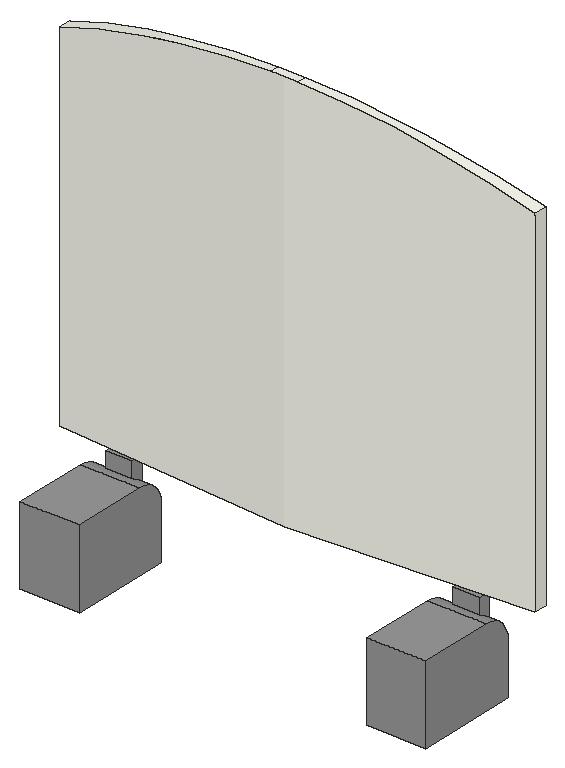
Revit family "KEUCO_14980010037", category Allgemeines Modell, Revit 2016
Family settings
  Teiletyp = Normal
  Kann Basisbauteil für Bewehrung sein = Nein
  Bemaßung runder Anschluss = Durchmesser verwenden
  Arbeitsebenenbasiert = Ja
  Immer vertikal = Nein
  Beim Laden mit Abzugskörper schneiden = Nein
  Gemeinsam genutzt = Nein
  Raumberechnungspunkt = Nein
Parameters (values of type "14980010038")
  Default Elevation = 1219.2 mm
  Verwendung = "DU"  # constant formula
  URL = "https://www.keuco.com/de/produkte/sortiment/artikel/?pid=14980&oid=1&pgo=25&country=de&lang=de&vid=14980010038"
  Preisgruppe = ""
  Material Regal = Weiß (RAL 9010)
  Serie = "Plan"  # constant formula
  Materialien bei Hersteller anfragen = "Anfrage zu:  objektmanagement@keuco.de"
  Rahmen Material = Verchromt
  Länge = 363 mm
  Kategorie = "ACC"  # constant formula
  Hersteller = "KEUCO"  # constant formula
  Tiefe = 378 mm
  Gewicht = 0.522
  Beschreibung = "zur Wandmontage\r\nSitz nach oben klappbar"
  Assembly Code = ""
  Ausschreibungstext = "KEUCO PLAN Klappsitz 14980010038\r\nLichtgrauer Klappsitz (RAL 7035) aus Polypropylen \r\nin ästhetischem, funktionalem Design, zur Wandmontage\r\nfür sicheres Sitzen im Duschbereich\r\nWandhalter und Sitzträger als Design-Element hochglanzverchromt.\r\nantistatisch, leichte Reinigung\r\nnach oben klappbarer Sitz, belastbar bis 110 kg\r\nBreite 363 mm, Länge der Sitzfläche 310 mm\r\nAusladung 378 mm\r\nDer Sitz wird verdeckt angebracht \r\nTÜVRheinland-Zertifizierung beantragt\r\nDas Befestigungsmaterial ist separat zu bestellen!\r\n\r\nZur Montage (je nach Ankergrund/Mauerwerk) unbedingt erforderlich:\r\n\r\n1 x Befestigungs-Set 3 (Artikel-Nr. 34992000100)\r\noder\r\n1 x Befestigungs-Set 6 (Artikel-Nr. 34992000200)\r\noder\r\n1 x Befestigungs-Set 9 (Artikel-Nr. 34995000200)\r\noder\r\n1 x Befestigungs-Set 11 (Artikel-Nr. 34997000100)"
  Artikelnummer = "14980010038"
Types (9, lengths in mm): name | URL | Material Regal | Materialien bei Hersteller anfragen | Rahmen Material | Ausschreibungstext | Artikelnummer
  14980010037 | "https://www.keuco.com/de/produkte/sortiment/artikel/?pid=14980&oid=1&pgo=25&country=de&lang=de&vid=14980010037" | Schwarzgrau (RAL 7021) | "Request to:  objektmanagement@keuco.de" | Verchromt | "KEUCO PLAN Klappsitz 14980010037\r\nSchwarzgrauer Klappsitz (RAL 7021) \r\naus Polypropylen in ästhetischem, funktionalem Design, \r\nzur Wandmontage, für sicheres Sitzen im Duschbereich\r\nWandhalter und Sitzträger als Design-Element hochglanzverchromt\r\nantistatisch, leichte Reinigung\r\nnach oben klappbarer Sitz, belastbar bis 110 kg\r\nBreite 363 mm, Länge der Sitzfläche 310 mm\r\nAusladung 378 mm\r\nDer Sitz wird verdeckt angebracht \r\nTÜVRheinland-Zertifizierung beantragt\r\nDas Befestigungsmaterial ist separat zu bestellen!\r\n\r\nZur Montage (je nach Ankergrund/Mauerwerk) unbedingt erforderlich:\r\n\r\n1 x Befestigungs-Set 3 (Artikel-Nr. 34992000100)\r\noder\r\n1 x Befestigungs-Set 6 (Artikel-Nr. 34992000200)\r\noder\r\n1 x Befestigungs-Set 9 (Artikel-Nr. 34995000200)\r\noder\r\n1 x Befestigungs-Set 11 (Artikel-Nr. 34997000100)" | "14980010037"
  14980010038 | "https://www.keuco.com/de/produkte/sortiment/artikel/?pid=14980&oid=1&pgo=25&country=de&lang=de&vid=14980010038" | Weiß (RAL 9010) | "Anfrage zu:  objektmanagement@keuco.de" | Verchromt | "KEUCO PLAN Klappsitz 14980010038\r\nLichtgrauer Klappsitz (RAL 7035) aus Polypropylen \r\nin ästhetischem, funktionalem Design, zur Wandmontage\r\nfür sicheres Sitzen im Duschbereich\r\nWandhalter und Sitzträger als Design-Element hochglanzverchromt.\r\nantistatisch, leichte Reinigung\r\nnach oben klappbarer Sitz, belastbar bis 110 kg\r\nBreite 363 mm, Länge der Sitzfläche 310 mm\r\nAusladung 378 mm\r\nDer Sitz wird verdeckt angebracht \r\nTÜVRheinland-Zertifizierung beantragt\r\nDas Befestigungsmaterial ist separat zu bestellen!\r\n\r\nZur Montage (je nach Ankergrund/Mauerwerk) unbedingt erforderlich:\r\n\r\n1 x Befestigungs-Set 3 (Artikel-Nr. 34992000100)\r\noder\r\n1 x Befestigungs-Set 6 (Artikel-Nr. 34992000200)\r\noder\r\n1 x Befestigungs-Set 9 (Artikel-Nr. 34995000200)\r\noder\r\n1 x Befestigungs-Set 11 (Artikel-Nr. 34997000100)" | "14980010038"
  14980010051 | "https://www.keuco.com/de/produkte/sortiment/artikel/?pid=14980&oid=1&pgo=25&country=de&lang=de&vid=14980010051" | Weiß (RAL 9010) | "Request to:  objektmanagement@keuco.de" | Verchromt | "KEUCO PLAN Klappsitz 14980010051\r\nWeißer Klappsitz (RAL 9010) aus Polypropylen \r\nin ästhetischem, funktionalem Design, zur Wandmontage\r\nfür sicheres Sitzen im Duschbereich\r\nWandhalter und Sitzträger als Design-Element hochglanzverchromt.\r\nantistatisch, leichte Reinigung\r\nnach oben klappbarer Sitz, belastbar bis 110 kg\r\nBreite 363 mm, Länge der Sitzfläche 310 mm\r\nAusladung 378 mm\r\nDer Sitz wird an angebracht \r\nTÜVRheinland-Zertifizierung beantragt\r\nDas Befestigungsmaterial ist separat zu bestellen!\r\n\r\nZur Montage (je nach Ankergrund/Mauerwerk) unbedingt erforderlich:\r\n\r\n1 x Befestigungs-Set 3 (Artikel-Nr. 34992000100)\r\noder\r\n1 x Befestigungs-Set 6 (Artikel-Nr. 34992000200)\r\noder\r\n1 x Befestigungs-Set 9 (Artikel-Nr. 34995000200)\r\noder\r\n1 x Befestigungs-Set 11 (Artikel-Nr. 34997000100)" | "14980010051"
  14980070037 | "https://www.keuco.com/de/produkte/sortiment/artikel/?pid=14980&oid=1&pgo=25&country=de&lang=de&vid=14980070037" | Schwarzgrau (RAL 7021) | "Request to:  objektmanagement@keuco.de" | Edelstahl | "KEUCO PLAN Klappsitz 14980070037\r\nSchwarzgrauer Klappsitz (RAL 7021) aus Polypropylen \r\nin ästhetischem, funktionalem Design, zur Wandmontage\r\nfür sicheres Sitzen im Duschbereich\r\nWandhalter und Sitzträger als Design-Element in Edelstahl-finish\r\nantistatisch, leichte Reinigung\r\nnach oben klappbarer Sitz, belastbar bis 110 kg\r\nBreite 363 mm, Länge der Sitzfläche 310 mm\r\nAusladung 378 mm\r\nDer Sitz wird an angebracht \r\nTÜVRheinland-Zertifizierung beantragt\r\nDas Befestigungsmaterial ist separat zu bestellen!\r\n\r\nZur Montage (je nach Ankergrund/Mauerwerk) unbedingt erforderlich:\r\n\r\n1 x Befestigungs-Set 3 (Artikel-Nr. 34992000100)\r\noder\r\n1 x Befestigungs-Set 6 (Artikel-Nr. 34992000200)\r\noder\r\n1 x Befestigungs-Set 9 (Artikel-Nr. 34995000200)\r\noder\r\n1 x Befestigungs-Set 11 (Artikel-Nr. 34997000100)" | "14980070037"
  14980070038 | "https://www.keuco.com/de/produkte/sortiment/artikel/?pid=14980&oid=1&pgo=25&country=de&lang=de&vid=14980070038" | Lichtgrau (RAL 7035) | "Request to:  objektmanagement@keuco.de" | Edelstahl | "KEUCO PLAN Klappsitz 14980070038\r\nLichtgrauer Klappsitz (RAL 7035) aus Polypropylen \r\nin ästhetischem, funktionalem Design, zur Wandmontage\r\nfür sicheres Sitzen im Duschbereich\r\nWandhalter und Sitzträger als Design-Element in Edelstahl-finish\r\nantistatisch, leichte Reinigung\r\nnach oben klappbarer Sitz, belastbar bis 110 kg\r\nBreite 363 mm, Länge der Sitzfläche 310 mm\r\nAusladung 378 mm\r\nDer Sitz wird verdeckt angebracht \r\nTÜVRheinland-Zertifizierung beantragt\r\nDas Befestigungsmaterial ist separat zu bestellen!\r\n\r\nZur Montage (je nach Ankergrund/Mauerwerk) unbedingt erforderlich:\r\n\r\n1 x Befestigungs-Set 3 (Artikel-Nr. 34992000100)\r\noder\r\n1 x Befestigungs-Set 6 (Artikel-Nr. 34992000200)\r\noder\r\n1 x Befestigungs-Set 9 (Artikel-Nr. 34995000200)\r\noder\r\n1 x Befestigungs-Set 11 (Artikel-Nr. 34997000100)" | "14980070038"
  14980070051 | "https://www.keuco.com/de/produkte/sortiment/artikel/?pid=14980&oid=1&pgo=25&country=de&lang=de&vid=14980070051" | Weiß (RAL 9010) | "Request to:  objektmanagement@keuco.de" | Edelstahl | "KEUCO PLAN Klappsitz 14980070051\r\nWeißer Klappsitz (RAL 9010) aus Polypropylen \r\nin ästhetischem, funktionalem Design, zur Wandmontage\r\nfür sicheres Sitzen im Duschbereich\r\nWandhalter und Sitzträger als Design-Element in Edelstahl-finish\r\nantistatisch, leichte Reinigung\r\nnach oben klappbarer Sitz, belastbar bis 110 kg\r\nBreite 363 mm, Länge der Sitzfläche 310 mm\r\nAusladung 378 mm\r\nDer Sitz wird verdeckt angebracht \r\nTÜVRheinland-Zertifizierung beantragt\r\nDas Befestigungsmaterial ist separat zu bestellen!\r\n\r\nZur Montage (je nach Ankergrund/Mauerwerk) unbedingt erforderlich:\r\n\r\n1 x Befestigungs-Set 3 (Artikel-Nr. 34992000100)\r\noder\r\n1 x Befestigungs-Set 6 (Artikel-Nr. 34992000200)\r\noder\r\n1 x Befestigungs-Set 9 (Artikel-Nr. 34995000200)\r\noder\r\n1 x Befestigungs-Set 11 (Artikel-Nr. 34997000100)" | "14980070051"
  14980170037 | "https://www.keuco.com/de/produkte/sortiment/artikel/?pid=14980&oid=1&pgo=25&country=de&lang=de&vid=14980170037" | Schwarzgrau (RAL 7021) | "Request to:  objektmanagement@keuco.de" | Aluminium silber-eloxiert (E6 EV1) | "KEUCO PLAN Klappsitz 14980170037\r\nSchwarzgrauer Klappsitz (RAL 7021) aus Polypropylen \r\nin ästhetischem, funktionalem Design, zur Wandmontage\r\nfür sicheres Sitzen im Duschbereich\r\nWandhalter und Sitzträger als Design-Element \r\naus silber-eloxiertem Aluminium (E6 EV1)\r\nantistatisch, leichte Reinigung\r\nnach oben klappbarer Sitz, belastbar bis 110 kg\r\nBreite 363 mm, Länge der Sitzfläche 310 mm\r\nAusladung 378 mm\r\nDer Sitz wird verdeckt angebracht \r\nTÜVRheinland-Zertifizierung beantragt\r\nDas Befestigungsmaterial ist separat zu bestellen!\r\n\r\nZur Montage (je nach Ankergrund/Mauerwerk) unbedingt erforderlich:\r\n\r\n1 x Befestigungs-Set 3 (Artikel-Nr. 34992000100)\r\noder\r\n1 x Befestigungs-Set 6 (Artikel-Nr. 34992000200)\r\noder\r\n1 x Befestigungs-Set 9 (Artikel-Nr. 34995000200)\r\noder\r\n1 x Befestigungs-Set 11 (Artikel-Nr. 34997000100)" | "14980170037"
  14980170038 | "https://www.keuco.com/de/produkte/sortiment/artikel/?pid=14980&oid=1&pgo=25&country=de&lang=de&vid=14980170038" | Lichtgrau (RAL 7035) | "Request to:  objektmanagement@keuco.de" | Aluminium silber-eloxiert (E6 EV1) | "KEUCO PLAN Klappsitz 14980170038\r\nLichtgrauer Klappsitz (RAL 7035) aus Polypropylen \r\nin ästhetischem, funktionalem Design, zur Wandmontage\r\nfür sicheres Sitzen im Duschbereich\r\nWandhalter und Sitzträger als Design Element \r\naus silber-eloxiertem Aluminium (E6 EV1)\r\nantistatisch, leichte Reinigung\r\nnach oben klappbarer Sitz, belastbar bis 110 kg\r\nBreite 363 mm, Länge der Sitzfläche 310 mm\r\nAusladung 378 mm\r\nDer Sitz wird verdeckt angebracht \r\nTÜVRheinland-Zertifizierung beantragt\r\nDas Befestigungsmaterial ist separat zu bestellen!\r\n\r\nZur Montage (je nach Ankergrund/Mauerwerk) unbedingt erforderlich:\r\n\r\n1 x Befestigungs-Set 3 (Artikel-Nr. 34992000100)\r\noder\r\n1 x Befestigungs-Set 6 (Artikel-Nr. 34992000200)\r\noder\r\n1 x Befestigungs-Set 9 (Artikel-Nr. 34995000200)\r\noder\r\n1 x Befestigungs-Set 11 (Artikel-Nr. 34997000100)" | "14980170038"
  14980170051 | "https://www.keuco.com/de/produkte/sortiment/artikel/?pid=14980&oid=1&pgo=25&country=de&lang=de&vid=14980170051" | Weiß (RAL 9010) | "Request to:  objektmanagement@keuco.de" | Aluminium silber-eloxiert (E6 EV1) | "KEUCO PLAN Klappsitz 14980170051\r\nWeißer Klappsitz (RAL 9010) aus Polypropylen \r\nin ästhetischem, funktionalem Design, zur Wandmontage\r\nfür sicheres Sitzen im Duschbereich\r\nWandhalter und Sitzträger als Design-Element \r\naus silber-eloxiertem Aluminium (E6 EV1)\r\nantistatisch, leichte Reinigung\r\nnach oben klappbarer Sitz, belastbar bis 110 kg\r\nBreite 363 mm, Länge der Sitzfläche 310 mm\r\nAusladung 378 mm\r\nDer Sitz wird verdeckt angebracht\r\nTÜVRheinland-Zertifizierung beantragt\r\nDas Befestigungsmaterial ist separat zu bestellen!\r\n\r\nZur Montage (je nach Ankergrund/Mauerwerk) unbedingt erforderlich:\r\n\r\n1 x Befestigungs-Set 3 (Artikel-Nr. 34992000100)\r\noder\r\n1 x Befestigungs-Set 6 (Artikel-Nr. 34992000200)\r\noder\r\n1 x Befestigungs-Set 9 (Artikel-Nr. 34995000200)\r\noder\r\n1 x Befestigungs-Set 11 (Artikel-Nr. 34997000100)" | "14980170051"
Reference planes
  plane 1 "Center (Front/Back)": y = 0
  plane 2: z = 0
  plane 3 "Center (Left/Right)": x = 0
  plane 4: x = -181.5
  plane 5: x = 181.5
  plane 6: z = 378
Forms (mm)
  Extrusion 1, solid, material "Verchromt" <- "Rahmen Material"
    sketch origin (0, 0, 0) x (0, 1, 0) y (0, 0, 1)
      loop
        line (2.391, 0) -> (2.391, 40)
        arc (2.391, 40) -> (-3.467, 54.142) -> (-17.609, 60) r 20
        line (-17.609, 60) -> (-75.598, 60) -> (-75.598, 0) -> (2.391, 0)
    from -153.205 to -108.092
  Extrusion 2, solid, material "Verchromt" <- "Rahmen Material"
    sketch origin (265, 0, 0) x (0, 1, 0) y (0, 0, 1)
      loop
        line (2.391, 0) -> (2.391, 40)
        arc (2.391, 40) -> (-3.467, 54.142) -> (-17.609, 60) r 20
        line (-17.609, 60) -> (-75.598, 60) -> (-75.598, 0) -> (2.391, 0)
    from -153.205 to -108.092
  Extrusion 3, solid, material "Weiß (RAL 9010)" <- "Material Regal"
    sketch origin (0, 0, 0) x (1, 0, 0) y (0, 1, 0)
      loop
        arc (-181.5, -2.5) -> (0, -14.871) -> (181.5, -2.5) r 1337.65
        line (181.5, -2.5) -> (181.5, 7.5)
        arc (181.5, 7.5) -> (0, -8.13) -> (-181.5, 7.5) r 1061.638
        line (-181.5, 7.5) -> (-181.5, -2.5)
    from 69.685 to 378
  Extrusion 4, void
    sketch origin (0, 0, 0) x (1, 0, 0) y (0, 0, 1)
      loop
        arc (-181.5, 343) -> (0, 378.115) -> (181.5, 343) r 486.615
        line (181.5, 343) -> (181.5, 388) -> (-181.5, 388) -> (-181.5, 343)
    from -28.347 to 35.032
  Extrusion 5, solid, material "Verchromt" <- "Rahmen Material"
    sketch origin (0, 0, -1.25) x (1, 0, 0) y (0, 0, 1)
      loop
        line (-141.083, 70.935) -> (-141.083, 40) -> (-121.083, 40) -> (-121.083, 70.935) -> (-141.083, 70.935)
      loop
        line (124.151, 70.935) -> (124.151, 40) -> (144.551, 40) -> (144.551, 70.935) -> (124.151, 70.935)
    from 0 to 9.1
Cuts and joins
  Extrusion 4 cuts Extrusion 3
Lines and regions (mm)
  symbolic lines, style "GenericModel", detail levels medium+fine
    curve 1: line (-181.492, 0, 69.685) -> (-181.492, 0, 342.984)
    curve 2: line (181.5, 0, 69.685) -> (-181.492, 0, 69.685)
    curve 3: line (181.5, 0, 342.984) -> (181.5, 0, 69.685)
    curve 4: arc (-181.492, 0, 342.984) -> (0.004, 0, 378.132) -> (181.5, 0, 342.984) r 486.172
    curve 5: line (-153.205, 0, 0) -> (-108.092, 0, 0)
    curve 6: line (-153.205, 0, 60) -> (-153.205, 0, 0)
    curve 7: line (-108.092, 0, 60) -> (-153.205, 0, 60)
    curve 8: line (-108.092, 0, 0) -> (-108.092, 0, 60)
    curve 9: line (111.795, 0, 0) -> (156.908, 0, 0)
    curve 10: line (111.795, 0, 60) -> (111.795, 0, 0)
    curve 11: line (156.908, 0, 60) -> (111.795, 0, 60)
    curve 12: line (156.908, 0, 0) -> (156.908, 0, 60)
    curve 13: line (-141.083, 0, 60) -> (-141.083, 0, 69.685)
    curve 14: line (-121.083, 0, 60) -> (-121.083, 0, 69.685)
    curve 15: line (124.151, 0, 60) -> (124.151, 0, 69.685)
    curve 16: line (144.551, 0, 60) -> (144.551, 0, 69.685)
  symbolic lines, style "GenericModel", detail levels coarse
    curve 17: line (-181.5, 0, 378) -> (181.5, 0, 378)
    curve 18: line (-181.5, 0, 0) -> (-181.5, 0, 378)
    curve 19: line (181.5, 0, 0) -> (-181.5, 0, 0)
    curve 20: line (181.5, 0, 378) -> (181.5, 0, 0)
Dimensions and locks
  Extrusion 1 to Extrusion 1 to plane 3 "Center (Left/Right)" = 45.112 mm, 108.092 mm
  equal spacing: plane 5, plane 3 "Center (Left/Right)", plane 4
  "Länge": plane 5 to plane 4
  "Tiefe": plane 6 to level
  aligned and locked: level to plane 2
Automatic sketch dimensions
  Extrusion 2 sketch curve to level = 0 mm
  plane 1 "Center (Front/Back)" to Extrusion 2 sketch curve = 75.598 mm
  plane 1 "Center (Front/Back)" to Extrusion 2 sketch curve = 17.609 mm
  Extrusion 2 sketch curve to plane 1 "Center (Front/Back)" = 2.391 mm
  level to Extrusion 2 sketch curve = 40 mm
  Extrusion 3 sketch curve to plane 4 = 0 mm
  Extrusion 3 sketch curve to plane 3 "Center (Left/Right)" = 0 mm  (x2)
  Extrusion 3 sketch curve to plane 5 = 0 mm
  plane 1 "Center (Front/Back)" to Extrusion 3 sketch curve = 2.5 mm
  Extrusion 3 sketch curve to plane 1 "Center (Front/Back)" = 1053.508 mm
  Extrusion 3 sketch curve to Extrusion 3 sketch curve = 269.272 mm
  Extrusion 3 sketch curve to plane 1 "Center (Front/Back)" = 7.5 mm
  Extrusion 4 sketch curve to plane 4 = 0 mm
  Extrusion 4 sketch curve to plane 3 "Center (Left/Right)" = 0 mm
  Extrusion 4 sketch curve to plane 5 = 0 mm
  Extrusion 4 sketch curve to level = 108.5 mm
  Extrusion 4 sketch curve to plane 6 = 35 mm
  plane 6 to Extrusion 4 sketch curve = 10 mm
  plane 4 to Extrusion 5 sketch curve = 40.417 mm
  Extrusion 5 sketch curve to Extrusion 5 sketch curve = 20 mm
  Extrusion 5 sketch curve to plane 5 = 57.349 mm
  Extrusion 5 sketch curve to Extrusion 5 sketch curve = 20.4 mm
  level to Extrusion 5 sketch curve = 38.75 mm  (x2)
  Extrusion 5 sketch curve to Extrusion 5 sketch curve = 30.935 mm  (x2)
  Extrusion 1 sketch curve to level = 0 mm
  plane 1 "Center (Front/Back)" to Extrusion 1 sketch curve = 75.598 mm
  plane 1 "Center (Front/Back)" to Extrusion 1 sketch curve = 17.609 mm
  Extrusion 1 sketch curve to plane 1 "Center (Front/Back)" = 2.391 mm
  level to Extrusion 1 sketch curve = 40 mm
  curve 5 to level = 0 mm
  curve 9 to level = 0 mm
  curve 4 to plane 5 = 0 mm
  curve 12 to plane 5 = 24.592 mm
  curve 10 to curve 11 = 45.112 mm
  plane 3 "Center (Left/Right)" to curve 4 = 0.004 mm
  plane 4 to curve 5 = 73.408 mm
  plane 4 to curve 6 = 28.295 mm
  plane 4 to curve 2 = 0.008 mm
  curve 17 to plane 4 = 0 mm
  plane 5 to curve 17 = 0 mm
  curve 20 to level = 0 mm
  curve 4 to level = 108.04 mm
  level to curve 7 = 60 mm
  level to curve 10 = 60 mm
  curve 6 to curve 1 = 9.685 mm
  curve 1 to plane 6 = 35.016 mm
  plane 6 to curve 17 = 0 mm
  curve 16 to curve 11 = 12.356 mm
  curve 10 to curve 15 = 12.356 mm
  curve 14 to curve 7 = 12.991 mm
  curve 6 to curve 13 = 12.122 mm
  curve 16 to curve 16 = 9.685 mm
  curve 15 to curve 15 = 9.685 mm
  curve 14 to curve 14 = 9.685 mm
  curve 13 to curve 13 = 9.685 mm
